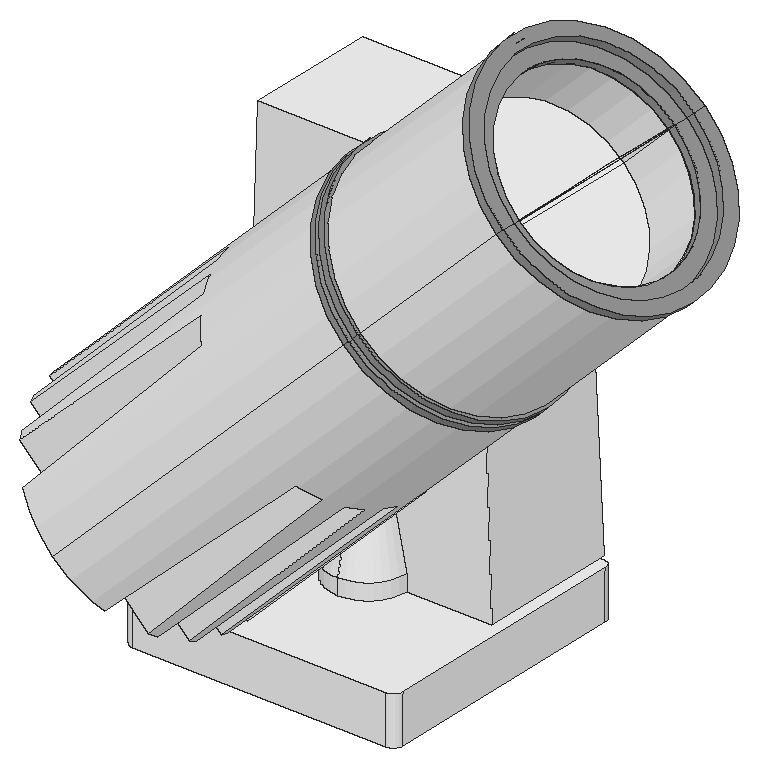
Revit family "2055962", category Lighting Fixtures, host Face, Revit 2016
Family settings
  Host = Face
  Part Type = Normal
  Round Connector Dimension = Use Diameter
  OmniClass Number = 23.80.70.00
  OmniClass Title = Lighting
  Cut with Voids When Loaded = No
  Light Source = No
  Shared = No
  Room Calculation Point = No
Parameters (values of type "2055962 BCON PRJ FRAM O/B SM 4K WH")
  Weight = "1.365 kg"
  Wattage Comments = ""
  WarrantyStartDate [instance] = "n/a"
  WarrantyGuarantorParts = "n/a"
  WarrantyDurationUnit = "n/a"
  WarrantyDurationParts = "n/a"
  WarrantyDescription = "n/a"
  Voltage = 230 V
  URL = "http://www.sylvania-lighting.com"
  TypeName = "BCON PRJ FRAM O/B SM 4K WH"
  TypeHead_SYL = Beacon LED Projector Framing Head : 2055962 BCON PRJ FRAM O/B SM 4K WH
  Type Image = <None>
  Type Comments = "n/a"
  Track_SYL = no
  Surface_SYL = not(Track_SYL)  # yes
  SerialNumber [instance] = "n/a"
  Material_3_SYL = none
  PowerFactor = 0.95
  PowerConsumption = "35 W"
  NominalLength = 0 mm
  NominalHeight = 215 mm
  NominalDepth = 185 mm
  Name = "BCON PRJ FRAM O/B SM 4K WH"
  ModelReference = Name  # "BCON PRJ FRAM O/B SM 4K WH"
  ModelNumber = "2055962"
  Model = Name  # "BCON PRJ FRAM O/B SM 4K WH"
  Material = "aluminium housing"
  ManufacturerName = "Feilo Sylvania"
  Manufacturer = "Feilo Sylvania"
  LuminousEfficacy = "14 lm/W"
  LuminaireType = ""
  LightOutputRatio = "100"
  LampsType = Lamp  # "LED"
  LampNominalLuminous = "474 lm"
  LampMacAdamStep = "3"
  LampColourTemperature = "4000 K"
  LampColourRenderingIndex = "97"
  Lamp = "LED"
  Keynote = "16500"
  InstallationDate [instance] = "n/a"
  InputVoltage = "AC 230 V"
  InputNominalFrequency = "50/60 Hz"
  IngressProtection = "IP20"
  ImpactProtectionIndex = "IK02"
  IfcExportType = "IfcLightFixtureType"
  IfcExportAs = "IfcLightFixtureType"
  HorizontalRotation_SYL [instance] = 0.00°
  EndAngle_SYL [instance] = HorizontalRotation_SYL + 180.00°  # 180.00°
  ElectricShockClassification = "Class II"
  DocumentationLiterature = "http://www.sylvania-lighting.com/product/en-int/products/2055962"
  DimmingControlOptions = "n/a"
  Material_2_SYL = Body-Sylvania-Black
  Description = "Beacon Projector offers precision light exactly where it is needed. The Framing Projector has four adjustable arms allowing the beam to be framed to the desired size shape (square/rectangle or irregular 4 sided shapes).High colour rendering CRI 97 typical. IR/UV free light source without heat radiation. LED technology provides an energy efficient solution with reduced maintenance costs."
  Default Elevation = 1219.2 mm
  CreatedOn = "3/14/2019"
  CreatedBy = "@sylvania-lighting.com"
  Cost = 0
  built-in parameter 1114216 [instance] = (empty or 0)
  ClassificationValue = "EF_70_80"
  ClassificationName = "Uniclass2015"
  Material_1_SYL = Body-Sylvania-White
  BarCode [instance] = "n/a"
  AssetType = "Fixed"
  AssetIdentifier [instance] = "n/a"
  Assembly Code = "D5020200"
  Apparent Load = 35 VA
  Material_4_SYL = none
Reference planes
  plane 1 "Center (Front/Back)": y = 0
  plane 2: z = 0
  plane 3 "Center (Left/Right)": x = 0
  plane 4: x = 7
  plane 5: x = -7
  plane 6: z = -34.5
  plane 7: z = 15
  plane 8: x = 18.5
  plane 9: x = -18.5
  plane 10: y = 48.5
  plane 11: y = -48.5
  plane 12: y = 34.5
  plane 13: y = -34.5
  plane 14: y = 77
  plane 15: y = -8
  plane 16: x = 42.5
  plane 17: x = -42.5
Forms (mm)
  Extrusion 1, solid, material "Body-Sylvania-White" <- "Material_1_SYL", visible <- "Track_SYL"
    sketch origin (0, 0, 0) x (1, 0, 0) y (0, 0, 1)
      loop
        line (-18.5, 15) -> (-18.5, 0) -> (-7, 0) -> (-7, -34.5) -> (7, -34.5) -> (7, 0) -> (18.5, 0) -> (18.5, 15) -> (-18.5, 15)
    from -48.5 to 48.5
  Extrusion 2, void
    sketch origin (0, 0, 0) x (1, 0, 0) y (0, 1, 0)
      loop
        arc (-18.5, 34.5) -> (0, 48.5) -> (18.5, 34.5) r 19.223
        line (18.5, 34.5) -> (21.5, 34.5) -> (21.5, 54.5) -> (-23.5, 54.5) -> (-23.5, 34.5) -> (-18.5, 34.5)
      loop
        line (-18.5, -34.5) -> (-23.5, -34.5) -> (-23.5, -54.5) -> (21.5, -54.5) -> (21.5, -34.5) -> (18.5, -34.5)
        arc (18.5, -34.5) -> (0, -48.5) -> (-18.5, -34.5) r 19.223
    from -34.5 to 15
  Revolve 3, solid, not visible
    sketch origin (0, 0, 0) x (0, 1, 0) y (0, 0, 1)
      loop
        line (34.5, 15) -> (48.5, 15) -> (48.5, 39.844) -> (34.5, 39.844) -> (34.5, 15)
      axis (34.5, 15) -> (34.5, 39.844)
    angle from 0 <- "HorizontalRotation_SYL" to 180 <- "EndAngle_SYL"
  Extrusion 4, solid, material "Body-Sylvania-White" <- "Material_1_SYL", visible <- "Surface_SYL"
    sketch origin (0, 0, 0) x (1, 0, 0) y (0, 1, 0)
      loop
        arc (39.5, -8) -> (41.621, -7.121) -> (42.5, -5) r 3
        line (42.5, -5) -> (42.5, 74)
        arc (42.5, 74) -> (41.621, 76.121) -> (39.5, 77) r 3
        line (39.5, 77) -> (-39.5, 77)
        arc (-39.5, 77) -> (-41.621, 76.121) -> (-42.5, 74) r 3
        line (-42.5, 74) -> (-42.5, -5)
        arc (-42.5, -5) -> (-41.621, -7.121) -> (-39.5, -8) r 3
        line (-39.5, -8) -> (39.5, -8)
    from 0 to 15
Cuts and joins
  Extrusion 2 cuts Extrusion 1
Dimensions and locks
  plane 8 to plane 4 to plane 3 "Center (Left/Right)" to plane 5 to plane 9 = 11.5 mm locked, 7 mm locked, 7 mm locked, 11.5 mm locked
  plane 7 to level to plane 6 = 15 mm locked, 34.5 mm locked
  plane 11 to plane 1 "Center (Front/Back)" to plane 10 = 48.5 mm locked, 48.5 mm locked
  plane 13 to plane 1 "Center (Front/Back)" to plane 12 = 34.5 mm locked, 34.5 mm locked
  plane 15 to plane 12 to plane 14 = 42.5 mm locked, 42.5 mm locked
  plane 16 to plane 3 "Center (Left/Right)" to plane 17 = 42.5 mm locked, 42.5 mm locked
  aligned and locked: plane 2 to host face
  aligned and locked: level to host face
  aligned and locked: plane 7 to Extrusion 1 sketch curve
  aligned and locked: level to Extrusion 1 sketch curve
  aligned and locked: Extrusion 1 sketch curve to plane 8
  aligned and locked: Extrusion 1 sketch curve to plane 6
  aligned and locked: Extrusion 1 sketch curve to plane 4
  aligned and locked: plane 5 to Extrusion 1 sketch curve
  aligned and locked: Extrusion 1 sketch curve to level
  aligned and locked: Extrusion 1 to plane 10
  aligned and locked: plane 11 to Extrusion 1
  aligned and locked: plane 12 to Extrusion 2 sketch curve  (x2)
  aligned and locked: plane 8 to Extrusion 2 sketch curve
  aligned and locked: plane 9 to Extrusion 2 sketch curve
  aligned and locked: plane 13 to Extrusion 2 sketch curve  (x3)
  aligned and locked: Extrusion 2 sketch curve to Extrusion 2 sketch curve  (x2)
  aligned and locked: plane 6 to Extrusion 2
  aligned and locked: Extrusion 2 to plane 7
  aligned and locked: Revolve 3 sketch curve to plane 12
  aligned and locked: Revolve 3 sketch curve to cut or joined group of Extrusion 1, Extrusion 2  (x2)
  aligned and locked: Revolve 3 sketch curve to plane 10
  aligned and locked: Extrusion 4 sketch curve to plane 15
  aligned and locked: Extrusion 4 sketch curve to plane 16
  aligned and locked: plane 14 to Extrusion 4 sketch curve
  aligned and locked: plane 17 to Extrusion 4 sketch curve
  aligned and locked: Extrusion 4 to plane 7
  aligned and locked: Extrusion 4 to level
  aligned and locked: nested 2 to plane 12
Nested families
  nested 1: "Beacon LED Projector Framing Gearbox" at (0, 34.5, 15) x (0, 1, 0) z (1, 0, 0), type "Type Name"
    with VerticalRotation_SYL -45.00°, EndAngle_SYL 135.00°
  nested 2: "Beacon LED Projector Framing Head" at (0, -10.5, 78) x (0, 1, 0) z (0.7071, 0, 0.7071), type <- "TypeHead_SYL", type "2055962 BCON PRJ FRAM O/B SM 4K WH"
    with built-in parameter 1114216 (empty or 0)
Connectors
  electrical at (0, 34.5, 0), driven by "Voltage", driven by "Apparent Load", driven by "PowerFactor"
    settings: on Extrusion 4, index 1, voltage 230 V, apparent load 35 VA, apparent load phase1 0 VA, apparent load phase2 0 VA, apparent load phase3 0 VA, power factor 0.95, load classification "Other", number of poles 1, system type 30, power factor state 1, is connector primary yes, connector utility no, sub classification motor no, connector description ""
Definition of nested family "Beacon LED Projector Framing Gearbox"
  Parameters (values of type "Type Name")
    VerticalRotation_SYL [instance] = 0.00°
    URL = "http://www.sylvania-lighting.com"
    Type Image = (empty or 0)
    Type Comments = "n/a"
    Material_3_SYL = none
    Model = ""
    Manufacturer = "Feilo Sylvania"
    Keynote = ""
    Material_2_SYL = none
    EndAngle_SYL [instance] = VerticalRotation_SYL + 180.00°  # 180.00°
    Description = ""
    Default Elevation = 1219.2 mm
    Cost = 0
    Material_1_SYL = none
    Assembly Code = ""
    Material_4_SYL = none
  Reference planes
    plane 1 "Center (Front/Back)": y = 0
    plane 2: z = 0
    plane 3 "Center (Left/Right)": x = 0
    plane 4: y = 5
    plane 5: y = 63
    plane 6: y = 47
    plane 7: y = 121
    plane 8: x = -3
    plane 9: x = -12
    plane 10: x = 41
    plane 11: x = 44
    plane 12: z = 38.5
    plane 13: z = -38.5
    plane 14: z = 34.5
    plane 15: z = -34.5
  Forms (mm)
    Extrusion 1, solid
      sketch origin (4.2, 0, 0) x (1, 0, 0) y (0, 1, 0)
        loop
          line (-1219.2, 1219.2) -> (-1219.2, -1219.2) -> (1219.2, -1219.2) -> (1219.2, 1219.2) -> (-1219.2, 1219.2)
      from 0 to -68.017
    Revolve 2, solid, material <- "Material_1_SYL"
      sketch origin (0, 0, 0) x (1, 0, 0) y (0, 1, 0)
        loop
          line (0, 0) -> (0, 47) -> (-3, 47) -> (-12, 5) -> (-12, 0) -> (0, 0)
        axis (0, 47) -> (0, 0)
      angle from 360 to 0
    Blend 3, solid, material <- "Material_1_SYL"
      base sketch origin (0, 0, 0) x (1, 0, 0) y (0, 0, 1)
        loop
          line (0, -38.5) -> (44, -38.5) -> (44, 38.5) -> (0, 38.5) -> (0, -38.5)
      top sketch origin (0, 0, 0) x (1, 0, 0) y (0, 0, 1)
        loop
          line (0, 34.5) -> (0, -34.5) -> (41, -34.5) -> (41, 34.5) -> (0, 34.5)
      from 0 to -121
    Revolve 4, solid, not visible
      sketch origin (0, 0, 0) x (1, 0, 0) y (0, 1, 0)
        loop
          line (0, 63) -> (-12, 63) -> (-12, 47) -> (0, 47) -> (0, 63)
        axis (0, 63) -> (-12, 63)
      angle from 0 <- "VerticalRotation_SYL" to 180 <- "EndAngle_SYL"
  Cuts and joins
    joined: Revolve 2, Blend 3
  Dimensions and locks
    plane 3 "Center (Left/Right)" to plane 10 to plane 11 = 41 mm locked, 3 mm locked
    plane 9 to plane 8 to plane 3 "Center (Left/Right)" = 9 mm locked, 3 mm locked
    plane 1 "Center (Front/Back)" to plane 4 to plane 6 to plane 5 to plane 7 = 5 mm locked, 42 mm locked, 16 mm locked, 58 mm locked
    plane 14 to level to plane 15 = 34.5 mm locked, 34.5 mm locked
    locked: plane 12 to plane 14 at 4
    locked: plane 15 to plane 13 at 4
    aligned and locked: plane 2 to Extrusion 1
    aligned and locked: level to Extrusion 1
    aligned and locked: Revolve 2 sketch curve to plane 3 "Center (Left/Right)"  (x2)
    aligned and locked: Revolve 2 sketch curve to Revolve 2 sketch curve
    aligned and locked: Revolve 2 sketch curve to plane 1 "Center (Front/Back)"
    aligned and locked: plane 4 to Revolve 2 sketch curve
    aligned and locked: plane 9 to Revolve 2 sketch curve
    aligned and locked: plane 6 to Revolve 2 sketch curve  (x2)
    aligned and locked: plane 3 "Center (Left/Right)" to Revolve 2 sketch curve
    aligned and locked: plane 13 to Blend 3 sketch curve
    aligned and locked: Blend 3 sketch curve to plane 3 "Center (Left/Right)"
    aligned and locked: Blend 3 sketch curve to plane 12
    aligned and locked: plane 11 to Blend 3 sketch curve
    aligned and locked: plane 14 to Blend 3 sketch curve
    aligned and locked: Blend 3 sketch curve to plane 15
    aligned and locked: Blend 3 sketch curve to plane 10
    aligned and locked: Blend 3 to plane 7
    aligned and locked: plane 1 "Center (Front/Back)" to Blend 3
    aligned and locked: Revolve 4 sketch curve to plane 5
    aligned and locked: Revolve 4 sketch curve to Revolve 4 sketch curve
    aligned and locked: plane 3 "Center (Left/Right)" to Revolve 4 sketch curve
    aligned and locked: plane 6 to Revolve 4 sketch curve
    aligned and locked: Revolve 4 sketch curve to plane 9
Definition of nested family "Beacon LED Projector Framing Head"
  Parameters (values of type "2055967 BCON PRJ FRAM DALI L3 4K BLK")
    Wattage Comments = "n/a"
    Wattage = 35 W
    built-in parameter 1150110 = 1 (stored number, unit not read)
    URL = "http://www.sylvania-lighting.com"
    Type Image = (empty or 0)
    Type Comments = "n/a"
    built-in parameter 1114217 = 1 (stored number, unit not read)
    Tilt Angle = -90.00°
    built-in parameter 1150109 = 1 (stored number, unit not read)
    built-in parameter 1150134 = 12
    built-in parameter 1150113 = 1 (stored number, unit not read)
    Photometric Web File = "spot_ideal.ies"
    Material_3_SYL = none
    Model = "BCON PRJ FRAM DALI L3 4K BLK"
    Manufacturer = "Feilo Sylvania"
    built-in parameter 1150105 = 49 (stored number, unit not read)
    Lumens = 490 lm
    built-in parameter 1150115 = 1 (stored number, unit not read)
    built-in parameter 1150137 = (empty or 0)
    built-in parameter 1150139 = (empty or 0)
    built-in parameter 1150112 = 1 (stored number, unit not read)
    built-in parameter 1150114 = 1 (stored number, unit not read)
    Lamp = "LED"
    Keynote = "16500"
    Material_2_SYL = none
    built-in parameter 1150132 = (empty or 0)
    built-in parameter 1150102 = (empty or 0)
    built-in parameter 1150107 = 4000 (stored number, unit not read)
    built-in parameter 1150138 = (empty or 0)
    built-in parameter 1150106 = 0.49 (stored number, unit not read)
    Emit from Circle Diameter = 61 mm
    Emit Shape Visible in Rendering = no
    built-in parameter 1150104 = 1.3006 (stored number, unit not read)
    Dimming Lamp Color Temperature Shift = (empty or 0)
    Description = "Beacon Projector offers precision light exactly where it is needed. The Framing Projector has four adjustable arms allowing the beam to be framed to the desired size shape (square/rectangle or irregular 4 sided shapes).High colour rendering CRI 97 typical. IR/UV free light source without heat radiation. LED technology provides an energy efficient solution with reduced maintenance costs."
    Default Elevation = 1219.2 mm
    Cost = 0
    Color Filter = 16777215
    built-in parameter 1114216 [instance] = (empty or 0)
    Material_1_SYL = none
    built-in parameter 1114218 = 1 (stored number, unit not read)
    built-in parameter 1150133 = 10 (stored number, unit not read)
    Assembly Code = "D5020200"
    Apparent Load = 35 VA
    Material_4_SYL = none
  Types (12, lengths in mm): name | built-in parameter 1150134 | Model | built-in parameter 1150107
    2055967 BCON PRJ FRAM DALI L3 4K BLK | 12 | "BCON PRJ FRAM DALI L3 4K BLK" | 4000 (stored number, unit not read)
    2055966 BCON PRJ FRAM DALI L3 4K WH | 12 | "BCON PRJ FRAM DALI L3 4K WH" | 4000 (stored number, unit not read)
    2055965 BCON PRJ FRAM DALI L3 3K BLK | (empty or 0) | "BCON PRJ FRAM DALI L3 3K BLK" | 3000 (stored number, unit not read)
    2055964 BCON PRJ FRAM DALI L3 3K WH | (empty or 0) | "BCON PRJ FRAM DALI L3 3K WH" | 3000 (stored number, unit not read)
    2055963 BCON PRJ FRAM O/B SM 4K BLK | 12 | "BCON PRJ FRAM O/B SM 4K BLK" | 4000 (stored number, unit not read)
    2055962 BCON PRJ FRAM O/B SM 4K WH | 12 | "BCON PRJ FRAM O/B SM 4K WH" | 4000 (stored number, unit not read)
    2055961 BCON PRJ FRAM O/B SM 3K BLK | (empty or 0) | "BCON PRJ FRAM O/B SM 3K BLK" | 3000 (stored number, unit not read)
    2055960 BCON PRJ FRAM O/B SM 3K WH | (empty or 0) | "BCON PRJ FRAM O/B SM 3K WH" | 3000 (stored number, unit not read)
    2055959 BCON PRJ FRAM O/B L3 4K BLK | 12 | "BCON PRJ FRAM O/B L3 4K BLK" | 4000 (stored number, unit not read)
    2055958 BCON PRJ FRAM O/B L3 4K WH | 12 | "BCON PRJ FRAM O/B L3 4K WH" | 4000 (stored number, unit not read)
    2055957 BCON PRJ FRAM O/B L3 3K BLK | (empty or 0) | "BCON PRJ FRAM O/B L3 3K BLK" | 3000 (stored number, unit not read)
    2055956 BCON PRJ FRAM O/B L3 3K WH | (empty or 0) | "BCON PRJ FRAM O/B L3 3K WH" | 3000 (stored number, unit not read)
  Reference planes
    plane 1 "Center (Front/Back)": y = 0
    plane 2: z = 0
    plane 3 "Center (Left/Right)": x = 0
    plane 4: x = 39.5
    plane 5: x = -39.5
    plane 6: z = -45
    plane 7: z = 155
    plane 8: z = 152.4
    plane 9: x = -38.5
    plane 10: z = 91
    plane 11: z = 84.75
    plane 12: z = 35
    plane 13: x = -35.25
    plane 14: z = 151.937
    plane 15: x = -30.5
    plane 16: z = 149.187
    plane 17: z = 88.75
    plane 18: z = 87
    plane 19: x = -37.5
    plane 20: z = 129.187
    plane 21: x = -2.5
    plane 22: x = 2.5
    plane 23: x = -4
    plane 24: x = 4
    plane 25: z = 15
    plane 26: z = -15
    plane 27: x = 45
    plane 28: x = 14.75
  Forms (mm)
    Extrusion 1, solid
      sketch origin (4.2, 0, 0) x (1, 0, 0) y (0, 1, 0)
        loop
          line (-1219.2, 1219.2) -> (-1219.2, -1219.2) -> (1219.2, -1219.2) -> (1219.2, 1219.2) -> (-1219.2, 1219.2)
      from 0 to -68.017
    Revolve 2, solid, material <- "Material_2_SYL"
      sketch origin (0, 0, 0) x (1, 0, 0) y (0, 0, 1)
        loop
          line (-30.5, 149.188) -> (-30.5, 151.938) -> (-35.25, 151.938) -> (-35.25, 155) -> (-39.5, 155) -> (-39.5, 152.4) -> (-37.5, 152.4) -> (-37.5, 149.188) -> (-30.5, 149.188)
        axis (0, 155) -> (0, 149.188)
      angle from 360 to 0
    Revolve 3, solid, material <- "Material_3_SYL"
      sketch origin (0, 0, 0) x (1, 0, 0) y (0, 0, 1)
        loop
          arc (0, 156.729) -> (-15.437, 155.524) -> (-30.5, 151.938) r 99.476
          line (-30.5, 151.938) -> (-30.5, 149.188) -> (0, 149.188) -> (0, 156.729)
        axis (0, 156.729) -> (0, 149.188)
      angle from 360 to 0
    Revolve 4, solid, material <- "Material_1_SYL"
      sketch origin (0, 0, 0) x (1, 0, 0) y (0, 0, 1)
        loop
          line (-38.5, 152.4) -> (-38.5, 91) -> (-35.25, 91) -> (-35.25, 84.75) -> (-38.5, 84.75) -> (-38.5, -45) -> (0, -45) -> (0, 129.187) -> (-30.5, 129.187) -> (-30.5, 149.188) -> (-37.5, 149.188) -> (-37.5, 152.4) -> (-38.5, 152.4)
        axis (0, 152.4) -> (0, -45)
      angle from 360 to 0
    Revolve 5, solid, material <- "Material_2_SYL"
      sketch origin (0, 0, 0) x (1, 0, 0) y (0, 0, 1)
        loop
          line (-39.5, 91) -> (-39.5, 88.75) -> (-37.5, 88.75) -> (-37.5, 87) -> (-39.5, 87) -> (-39.5, 84.75) -> (-35.25, 84.75) -> (-35.25, 91) -> (-39.5, 91)
        axis (0, 91) -> (0, 84.75)
      angle from 360 to 0
    Extrusion 6, void
      sketch origin (20, 0, 0) x (-1, 0, 0) y (0, 0, 1)
        loop
          line (17.5, 35) -> (16, -45) -> (24, -45) -> (22.5, 35) -> (17.5, 35)
      from -40 to 40
    Extrusion 7, void
      sketch origin (20, 0, 0) x (-1, 0, 0) y (0, 0, 1)
        loop
          line (27.5, 35) -> (26, -45) -> (34, -45) -> (32.5, 35) -> (27.5, 35)
      from -40 to 40
    Extrusion 8, void
      sketch origin (-20, 0, 0) x (1, 0, 0) y (0, 0, 1)
        loop
          line (2.5, 35) -> (-2.5, 35) -> (-4, -45) -> (4, -45) -> (2.5, 35)
      from -40 to 40
    Extrusion 9, void
      sketch origin (20, 0, 0) x (-1, 0, 0) y (0, 0, 1)
        loop
          line (47.5, 35) -> (46, -45) -> (54, -45) -> (52.5, 35) -> (47.5, 35)
      from -40 to 40
    Extrusion 10, void
      sketch origin (30, 0, 0) x (-1, 0, 0) y (0, 0, 1)
        loop
          line (2.5, 35) -> (-2.5, 35) -> (-4, -45) -> (4, -45) -> (2.5, 35)
      from -40 to 40
    Extrusion 11, void
      sketch origin (10, 0, 0) x (-1, 0, 0) y (0, 0, 1)
        loop
          line (2.5, 35) -> (-2.5, 35) -> (-4, -45) -> (4, -45) -> (2.5, 35)
      from -40 to 40
    Extrusion 12, void
      sketch origin (20, 0, 0) x (-1, 0, 0) y (0, 0, 1)
        loop
          line (2.5, 35) -> (-2.5, 35) -> (-4, -45) -> (4, -45) -> (2.5, 35)
      from -40 to 40
    Revolve 13, solid, material <- "Material_1_SYL"
      sketch origin (0, 0, 0) x (1, 0, 0) y (0, 0, 1)
        loop
          line (45, 15) -> (14.75, 15) -> (14.75, 0) -> (45, 0) -> (45, 15)
        axis (14.75, 0) -> (45, 0)
      angle from 360 to 0
  Cuts and joins
    Extrusion 6, Extrusion 7, Extrusion 8, Extrusion 9, Extrusion 10, Extrusion 11, Extrusion 12 cuts Revolve 4
    joined: Revolve 4, Revolve 13
  Lines and regions (mm)
    reference lines
      curve 1: line (-2.5, 0, 35) -> (-4, 0, -45)
      curve 2: line (4, 0, -45) -> (2.5, 0, 35)
  Dimensions and locks
    plane 7 to level to plane 6 = 155 mm locked, 45 mm locked
    equal spacing: plane 4, plane 3 "Center (Left/Right)", plane 5
    locked: plane 4 to plane 5 at 79
    locked: plane 7 to plane 10 at 64
    plane 10 to plane 11 = 6.25 mm
    locked: plane 7 to plane 12 at 120
    plane 3 "Center (Left/Right)" to plane 15 to plane 13 to plane 9 to plane 5 = 30.5 mm, 4.75 mm, 3.25 mm, 1 mm
    plane 7 to plane 8 to plane 14 to plane 16 = 2.6 mm locked, 0.463 mm locked, 2.75 mm locked
    locked: plane 3 "Center (Left/Right)" to plane 19 at 37.5
    locked: plane 16 to plane 20 at 20
    plane 10 to plane 17 to plane 18 = 2.25 mm locked, 1.75 mm locked
    plane 22 to plane 3 "Center (Left/Right)" to plane 21 = 2.5 mm locked, 2.5 mm locked
    plane 24 to plane 3 "Center (Left/Right)" to plane 23 = 4 mm locked, 4 mm locked
    equal spacing: group 4, group 3, group 2, group 1
    equal spacing: group 1, group 2, group 3, group 4  (x2)
    plane 25 to level to plane 26 = 15 mm locked, 15 mm locked
    locked: plane 27 to plane 3 "Center (Left/Right)" at 45
    locked: plane 28 to plane 3 "Center (Left/Right)" at 14.75
    aligned and locked: plane 2 to Extrusion 1
    aligned and locked: level to Extrusion 1
    aligned and locked: Revolve 2 sketch curve to plane 3 "Center (Left/Right)"
    aligned and locked: plane 16 to Revolve 2 sketch curve  (x2)
    aligned and locked: plane 15 to Revolve 2 sketch curve
    aligned and locked: plane 13 to Revolve 2 sketch curve
    aligned and locked: Revolve 2 sketch curve to plane 14
    aligned and locked: Revolve 2 sketch curve to plane 7
    aligned and locked: Revolve 2 sketch curve to plane 5
    aligned and locked: plane 8 to Revolve 2 sketch curve
    aligned and locked: Revolve 3 sketch curve to plane 3 "Center (Left/Right)"
    aligned and locked: Revolve 3 sketch curve to Revolve 2
    aligned and locked: Revolve 2 to Revolve 3 sketch curve
    aligned and locked: plane 3 "Center (Left/Right)" to Revolve 3 sketch curve
    aligned and locked: Revolve 4 sketch curve to plane 3 "Center (Left/Right)"
    aligned and locked: plane 10 to Revolve 4 sketch curve
    aligned and locked: Revolve 4 sketch curve to plane 13
    aligned and locked: Revolve 4 sketch curve to plane 11
    aligned and locked: Revolve 4 sketch curve to plane 9  (x2)
    aligned and locked: plane 6 to Revolve 4 sketch curve
    aligned and locked: plane 3 "Center (Left/Right)" to Revolve 4 sketch curve
    aligned and locked: plane 15 to Revolve 4 sketch curve
    aligned and locked: Revolve 4 sketch curve to plane 8
    aligned and locked: Revolve 2 sketch curve to plane 19
    aligned and locked: plane 19 to Revolve 4 sketch curve
    aligned and locked: Revolve 4 sketch curve to plane 20
    aligned and locked: Revolve 5 sketch curve to plane 3 "Center (Left/Right)"
    aligned and locked: plane 10 to Revolve 5 sketch curve
    aligned and locked: Revolve 5 sketch curve to plane 5  (x2)
    aligned and locked: plane 17 to Revolve 5 sketch curve
    aligned and locked: plane 18 to Revolve 5 sketch curve
    aligned and locked: Revolve 5 sketch curve to plane 19
    aligned and locked: plane 11 to Revolve 5 sketch curve
    aligned and locked: Revolve 5 sketch curve to Revolve 4  (x2)
    aligned and locked: plane 21 to curve 1
    aligned and locked: plane 23 to curve 1
    aligned and locked: plane 24 to curve 2
    aligned and locked: plane 22 to curve 2
    aligned and locked: Revolve 13 sketch curve to plane 25
    aligned and locked: plane 27 to Revolve 13 sketch curve
    aligned and locked: Revolve 13 sketch curve to level  (x2)
    aligned and locked: Revolve 13 sketch curve to plane 28
    aligned and locked: plane 3 "Center (Left/Right)" to imposter light
    aligned and locked: imposter light to plane 7
    aligned and locked: imposter light to plane 1 "Center (Front/Back)"
  Automatic sketch dimensions
    Extrusion 1 sketch curve to Extrusion 1 sketch curve = 2438.4 mm  (x2)
    plane 6 to Revolve 2 sketch curve = 564.6 mm
    Revolve 2 sketch curve to plane 7 = 2454.058 mm
    Revolve 3 sketch curve to plane 14 = 0 mm
    Revolve 3 sketch curve to plane 12 = 22.253 mm
    plane 6 to Revolve 3 sketch curve = 564.6 mm
    Revolve 3 sketch curve to Revolve 3 sketch curve = 2452.329 mm
    Revolve 4 sketch curve to plane 16 = 0 mm
    plane 6 to Revolve 4 sketch curve = 564.6 mm
    Revolve 4 sketch curve to plane 7 = 2454.058 mm
    plane 6 to Revolve 5 sketch curve = 564.6 mm
    Revolve 5 sketch curve to plane 7 = 2454.058 mm
    curve 2 to plane 12 = 0 mm
    curve 2 to plane 6 = 0 mm
    curve 1 to plane 6 = 0 mm
    curve 1 to plane 12 = 0 mm
    Extrusion 6 sketch curve to Extrusion 6 sketch curve = 1.5 mm
    Extrusion 6 sketch curve to Extrusion 6 sketch curve = 5 mm
    Extrusion 6 sketch curve to Extrusion 6 sketch curve = 8 mm
    Extrusion 6 sketch curve to Extrusion 6 sketch curve = 80 mm
    Extrusion 7 sketch curve to Extrusion 7 sketch curve = 1.5 mm
    Extrusion 7 sketch curve to Extrusion 7 sketch curve = 5 mm
    Extrusion 7 sketch curve to Extrusion 7 sketch curve = 8 mm
    Extrusion 7 sketch curve to Extrusion 7 sketch curve = 80 mm
    Extrusion 8 sketch curve to Extrusion 8 sketch curve = 1.5 mm
    Extrusion 8 sketch curve to Extrusion 8 sketch curve = 5 mm
    Extrusion 8 sketch curve to Extrusion 8 sketch curve = 8 mm
    Extrusion 8 sketch curve to Extrusion 8 sketch curve = 80 mm
    Extrusion 9 sketch curve to Extrusion 9 sketch curve = 1.5 mm
    Extrusion 9 sketch curve to Extrusion 9 sketch curve = 5 mm
    Extrusion 9 sketch curve to Extrusion 9 sketch curve = 8 mm
    Extrusion 9 sketch curve to Extrusion 9 sketch curve = 80 mm
    Extrusion 10 sketch curve to Extrusion 10 sketch curve = 1.5 mm
    Extrusion 10 sketch curve to Extrusion 10 sketch curve = 5 mm
    Extrusion 10 sketch curve to Extrusion 10 sketch curve = 8 mm
    Extrusion 10 sketch curve to Extrusion 10 sketch curve = 80 mm
    Extrusion 11 sketch curve to Extrusion 11 sketch curve = 1.5 mm
    Extrusion 11 sketch curve to Extrusion 11 sketch curve = 5 mm
    Extrusion 11 sketch curve to Extrusion 11 sketch curve = 8 mm
    Extrusion 11 sketch curve to Extrusion 11 sketch curve = 80 mm
    Extrusion 12 sketch curve to Extrusion 12 sketch curve = 1.5 mm
    Extrusion 12 sketch curve to Extrusion 12 sketch curve = 5 mm
    Extrusion 12 sketch curve to Extrusion 12 sketch curve = 8 mm
    Extrusion 12 sketch curve to Extrusion 12 sketch curve = 80 mm
    Revolve 13 sketch curve to plane 5 = 1495.135 mm
    plane 27 to Revolve 13 sketch curve = 1614.773 mm
